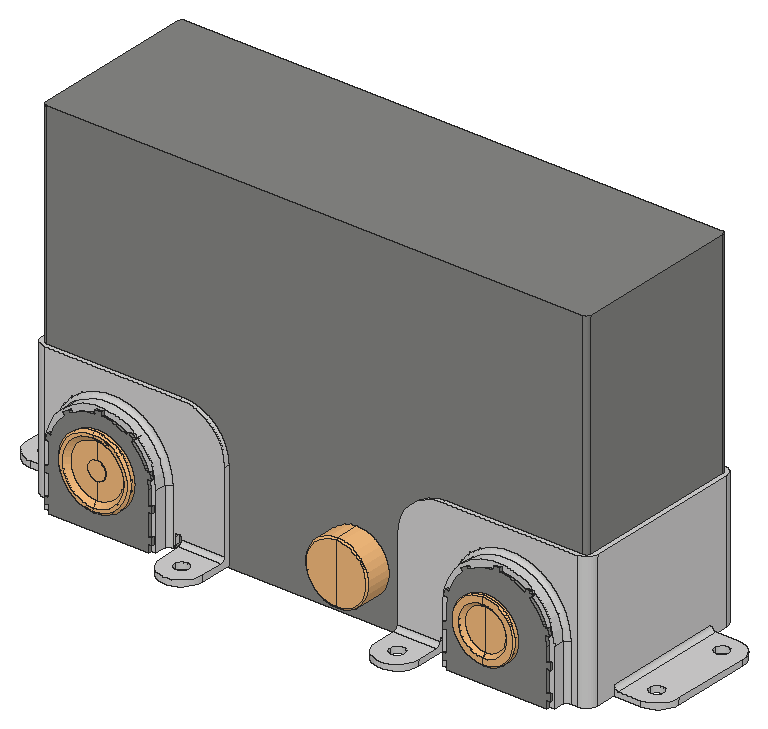
Revit family "Valve-Two_Outlet_Thermostatic-KOHLER-K-26340_1", category Plumbing Fixtures, host Face, Revit 2017 (continued)
Definition of nested family "K-26340"
  Automatic sketch dimensions
    curve 74 to curve 72 = 0.07874"
    curve 72 to curve 47 = 0.03937"
    curve 72 to curve 43 = 0.03937"
    plane 10 to curve 54 = 0.16845"
    curve 72 to curve 54 = 7/128"
    curve 52 to curve 52 = 0.02857"
    curve 72 to curve 50 = 0.09843"
    curve 43 to curve 43 = 0.05906"
    curve 47 to curve 47 = 0.05906"
    level to curve 54 = 1.13839"
    curve 52 to curve 54 = 0.05742"
    plane 10 to curve 53 = 0.26874"
    curve 55 to curve 56 = 0.21269"
    level to curve 56 = 1.63661"
    curve 56 to curve 57 = 0.09307"
    curve 57 to curve 58 = 0.03644"
    curve 60 to plane 9 "1" = 0.04432"
    curve 74 to curve 51 = 0"
    curve 75 to curve 51 = 0"
    plane 9 "1" to curve 61 = 0.07379"
    curve 63 to curve 65 = 0.43249"
    curve 63 to curve 65 = 0.03644"
    curve 65 to curve 66 = 0.09307"
    curve 67 to curve 64 = 0.03644"
    plane 10 to curve 70 = 0.26874"
    curve 70 to curve 75 = 0.14067"
    plane 10 to curve 68 = 0.15414"
    curve 67 to curve 68 = 0.02857"
    curve 81 to curve 86 = 0.09843"
    curve 80 to curve 77 = 0"
    plane 10 to curve 69 = 0.28306"
    curve 67 to curve 69 = 0.05742"
    curve 81 to curve 83 = 0.05906"
    curve 77 to curve 79 = 0.05906"
    curve 32 to curve 87 = 0.00197"
    curve 29 to curve 28 = 0.05118"
    curve 26 to curve 26 = 0.05906"
    curve 24 to plane 14 = 0.41339"
    plane 14 to curve 25 = 0.37402"
    plane 14 to curve 201 = 0.78156"
    curve 202 to curve 198 = 0.01718"
    curve 202 to plane 3 "Center (Left/Right)" = 0.01569"
    curve 196 to plane 19 "3" = 0.34598"
    plane 18 to curve 90 = 0.37402"
    curve 92 to plane 18 = 0.37402"
    curve 88 to plane 18 = 0.41339"
    curve 91 to curve 91 = 0.05906"
    plane 10 to curve 144 = 0.00659"
    curve 144 to plane 18 = 0.54134"
    curve 144 to curve 94 = 0.00197"
    plane 10 to curve 143 = 0.00264"
    curve 131 to curve 143 = 0.07874"
    curve 132 to curve 141 = 0.03937"
    curve 143 to curve 135 = 0.03937"
    plane 10 to curve 125 = 0.16845"
    curve 132 to curve 125 = 7/128"
    plane 10 to curve 126 = 0.28306"
    curve 125 to curve 126 = 0.02857"
    curve 135 to curve 135 = 0.05906"
    curve 140 to curve 141 = 0.05906"
    curve 139 to curve 139 = 0.05906"
    level to curve 125 = 1.13839"
    plane 10 to curve 127 = 0.26874"
    plane 8 "2" to curve 121 = 0.44389"
    curve 121 to curve 123 = 0.03644"
    curve 121 to curve 121 = 0.09307"
    curve 121 to curve 122 = 0.03644"
    curve 118 to plane 8 "2" = 0.11811"
    curve 132 to curve 108 = 0"
    curve 131 to curve 132 = 0"
    curve 118 to curve 118 = 0.11811"
    curve 116 to curve 115 = 0.43249"
    curve 116 to curve 114 = 0.03644"
    curve 115 to curve 113 = 0.09307"
    curve 113 to curve 114 = 0.03644"
    plane 10 to curve 110 = 0.26874"
    curve 110 to curve 132 = 0.14067"
    plane 10 to curve 111 = 0.15414"
    curve 110 to curve 111 = 0.02857"
    curve 100 to curve 129 = 0.09843"
    curve 102 to curve 99 = 0"
    curve 110 to curve 110 = 0.05742"
    plane 10 to curve 109 = 0.16845"
    curve 103 to curve 105 = 0.05906"
    curve 102 to curve 101 = 0.05906"
    level to curve 25 = 0.01969"
    level to curve 90 = 0.01969"
    level to curve 97 = 0.01969"
    level to curve 32 = 0.01969"
    curve 86 to curve 79 = 0.11811"
    curve 97 to curve 135 = 0.11811"
    curve 99 to curve 100 = 0.1378"
    curve 42 to curve 42 = 0.1378"
    curve 28 to curve 28 = 0.14564"
    curve 93 to curve 93 = 0.14564"
    curve 77 to curve 81 = 0.11811"
    curve 42 to curve 46 = 0.11811"
    curve 135 to curve 137 = 0.11811"
    curve 99 to curve 102 = 0.11811"
    plane 11 "A" to curve 104 = 0.25591"
    plane 11 "A" to curve 139 = 0.25591"
    plane 11 "A" to curve 46 = 0.25591"
    plane 11 "A" to curve 83 = 0.25591"
    curve 46 to curve 49 = 0.11811"
    curve 103 to curve 106 = 0.11811"
    curve 138 to curve 141 = 0.11811"
    curve 82 to curve 83 = 0.11811"
    plane 10 to curve 90 = 0.61024"
    plane 10 to curve 25 = 0.61024"
    curve 123 to curve 121 = 0.04664"
    curve 113 to curve 113 = 0.04664"
    curve 55 to curve 57 = 0.04664"
    curve 66 to curve 64 = 0.04664"
    curve 63 to curve 62 = 0.05918"
    curve 120 to curve 119 = 0.05918"
    curve 89 to curve 201 = 0.84371"
    curve 200 to curve 202 = 0.38428"
    curve 201 to curve 199 = 0.47517"
    curve 202 to curve 198 = 0.47517"
    curve 196 to curve 199 = 1.1811"
    curve 197 to curve 196 = 1.1811"
    level to curve 33 = 0.01969"
    curve 33 to curve 76 = 0.32315"
    curve 153 to plane 21 = 0.09843"
    plane 3 "Center (Left/Right)" to curve 200 = 0.00149"
    curve 153 to plane 20 = 0.09843"
    level to curve 98 = 0.01969"
    curve 133 to curve 98 = 0.32315"
    curve 96 to curve 91 = 0.09839"
    curve 25 to curve 31 = 0.09843"
    level to curve 152 = 0.33465"
    level to curve 206 = 0.33465"
    level to curve 38 = 0.34445"
    curve 145 to curve 151 = 0.01969"
    curve 206 to curve 207 = 0.02833"
    curve 37 to curve 39 = 0.03942"
    curve 39 to curve 40 = 0.05704"
    curve 146 to curve 147 = 0.11308"
    curve 35 to curve 41 = 0.07881"
    curve 147 to curve 148 = 0.05913"
    curve 153 to plane 7 = 0.37402"
    plane 16 to Extrusion 1 sketch curve = 0"
    Extrusion 1 sketch curve to plane 17 = 0"
    Extrusion 1 sketch curve to plane 21 = 0.09843"
    Extrusion 1 sketch curve to Extrusion 1 sketch curve = 0.07874"  (x3)
    plane 16 to Extrusion 1 sketch curve = 0.07874"
    Extrusion 1 sketch curve to plane 20 = 0.17717"
    plane 21 to Extrusion 2 sketch curve = 0"
    Extrusion 2 sketch curve to plane 20 = 0"
    level to Extrusion 2 sketch curve = 0.01969"  (x4)
    Extrusion 2 sketch curve to plane 14 = 0.54331"
    Extrusion 2 sketch curve to Extrusion 2 sketch curve = 0.05118"  (x2)
    Extrusion 2 sketch curve to Extrusion 2 sketch curve = 0.05906"  (x2)
    Extrusion 2 sketch curve to plane 14 = 0.41339"
    plane 14 to Extrusion 2 sketch curve = 0.37402"
    plane 18 to Extrusion 2 sketch curve = 0.37402"
    Extrusion 2 sketch curve to plane 18 = 0.37402"
    Extrusion 2 sketch curve to plane 18 = 0.41339"
    Extrusion 2 sketch curve to Extrusion 2 sketch curve = 0.14564"  (x2)
    plane 10 to Extrusion 2 sketch curve = 0.61024"  (x2)
    Sweep 3 sketch curve to profile plane = 0"  (x2)
    Sweep 3 sketch curve to profile plane = 0.19685"
    Sweep 4 sketch curve to profile plane = 0"  (x2)
    Sweep 4 sketch curve to profile plane = 0.19685"
    profile plane to Sweep 5 sketch curve = 0"
    Sweep 5 sketch curve to profile plane = 0"
    Sweep 5 sketch curve to profile plane = 0.19685"
    profile plane to Sweep 6 sketch curve = 0"
    Sweep 6 sketch curve to profile plane = 0"
    Sweep 6 sketch curve to profile plane = 0.19685"
    Extrusion 7 sketch curve to Extrusion 7 sketch curve = 0"  (x12)
    Extrusion 7 sketch curve to plane 4 = 0"
    Extrusion 7 sketch curve to plane 21 = 0"
    Extrusion 7 sketch curve to plane 14 = 0"  (x2)
    Extrusion 7 sketch curve to plane 18 = 0"  (x2)
    Extrusion 7 sketch curve to plane 20 = 0"
    Extrusion 7 sketch curve to plane 15 = 0"
    plane 4 to Extrusion 7 sketch curve = 0.37402"  (x2)
    Extrusion 7 sketch curve to plane 16 = 0.07874"  (x2)
    Extrusion 7 sketch curve to plane 14 = 0.37401"  (x2)
    Extrusion 7 sketch curve to plane 17 = 0.07874"  (x2)
    plane 18 to Extrusion 7 sketch curve = 0.37401"  (x2)
    plane 15 to Extrusion 7 sketch curve = 0.37402"  (x2)
    plane 13 to Extrusion 7 sketch curve = 0.07874"  (x2)
    plane 17 to Extrusion 7 sketch curve = 0.45276"  (x2)
    Extrusion 7 sketch curve to Extrusion 7 sketch curve = 0.01969"  (x4)
    Extrusion 7 sketch curve to plane 1 "Center (Front/Back)" = 0.68898"  (x2)
    plane 12 to Extrusion 7 sketch curve = 0.07874"  (x2)
    level to Extrusion 8 sketch curve = 0.01969"  (x2)
    Extrusion 8 sketch curve to plane 21 = 0.40354"
    plane 10 to Extrusion 8 sketch curve = 0.00264"
    plane 9 "1" to Extrusion 8 sketch curve = 0.01473"
    plane 10 to Extrusion 8 sketch curve = 0.00659"
    Extrusion 8 sketch curve to plane 18 = 0.62008"
    Extrusion 8 sketch curve to plane 8 "2" = 0.17717"
    Extrusion 9 sketch curve to Extrusion 9 sketch curve = 0"  (x66)
    Extrusion 9 sketch curve to level = 0"  (x2)
    Extrusion 9 sketch curve to plane 10 = 0"  (x3)
    Extrusion 9 sketch curve to plane 9 "1" = 0"
    plane 8 "2" to Extrusion 9 sketch curve = 0"
    Extrusion 9 sketch curve to plane 11 "A" = 0"
    Extrusion 9 sketch curve to plane 9 "1" = 0.04432"
    Extrusion 9 sketch curve to Extrusion 9 sketch curve = 0.43249"  (x3)
    Extrusion 9 sketch curve to Extrusion 9 sketch curve = 0.03644"  (x8)
    Extrusion 9 sketch curve to Extrusion 9 sketch curve = 0.09307"  (x4)
    plane 10 to Extrusion 9 sketch curve = 0.26874"  (x4)
    Extrusion 9 sketch curve to Extrusion 9 sketch curve = 0.24912"  (x3)
    plane 10 to Extrusion 9 sketch curve = 0.15414"  (x3)
    Extrusion 9 sketch curve to Extrusion 9 sketch curve = 0.02857"  (x4)
    Extrusion 9 sketch curve to plane 21 = 0.50197"
    Extrusion 9 sketch curve to Extrusion 9 sketch curve = 0.05742"  (x3)
    plane 10 to Extrusion 9 sketch curve = 0.16845"  (x3)
    Extrusion 9 sketch curve to Extrusion 9 sketch curve = 0.05906"  (x9)
    plane 9 "1" to Extrusion 9 sketch curve = 0.07379"
    Extrusion 9 sketch curve to plane 14 = 0.7185"
    plane 10 to Extrusion 9 sketch curve = 0.28306"  (x2)
    plane 11 "A" to Extrusion 9 sketch curve = 0.1378"
    Extrusion 9 sketch curve to plane 18 = 0.65945"
    Extrusion 9 sketch curve to Extrusion 9 sketch curve = 0.0153"
    level to Extrusion 9 sketch curve = 1.13839"
    plane 8 "2" to Extrusion 9 sketch curve = 0.44389"
    Extrusion 9 sketch curve to plane 8 "2" = 0.11811"
    Extrusion 9 sketch curve to Extrusion 9 sketch curve = 0.11811"  (x9)
    Extrusion 9 sketch curve to Extrusion 9 sketch curve = 0.1378"  (x3)
    level to Extrusion 9 sketch curve = 0.1378"
    plane 11 "A" to Extrusion 9 sketch curve = 0.25591"  (x3)
    Extrusion 9 sketch curve to Extrusion 9 sketch curve = 0.04664"  (x4)
    Extrusion 9 sketch curve to Extrusion 9 sketch curve = 0.05918"  (x2)
    Revolve 10 sketch curve to plane 10 = 0"  (x3)
    Revolve 10 sketch curve to plane 13 = 0"
    Revolve 10 sketch curve to plane 12 = 0"
    Revolve 10 sketch curve to plane 16 = 0"
    Revolve 10 sketch curve to plane 17 = 0"
    Revolve 10 sketch curve to plane 12 = 0.07881"
    plane 10 to Revolve 10 sketch curve = 0.46454"  (x2)
    Revolve 10 sketch curve to plane 13 = 0.07881"
    Revolve 10 sketch curve to Revolve 10 sketch curve = 0.07881"  (x2)
    Revolve 10 sketch curve to Revolve 10 sketch curve = 0.05704"  (x2)
    Revolve 10 sketch curve to Revolve 10 sketch curve = 0.03942"
    Revolve 10 sketch curve to Revolve 10 sketch curve = 0.17527"
    Revolve 10 sketch curve to plane 12 = 0.03942"
    Revolve 10 sketch curve to plane 13 = 0.03942"
    plane 5 to Revolve 10 sketch curve = 0.19685"
    Revolve 10 sketch curve to Revolve 10 sketch curve = 0.07874"
    plane 11 "A" to Revolve 11 sketch curve = 0"  (x3)
    Revolve 11 sketch curve to plane 13 = 0.07881"
    plane 10 to Revolve 11 sketch curve = 0.26086"  (x2)
    Revolve 11 sketch curve to plane 12 = 0.07881"
    Revolve 11 sketch curve to plane 12 = 0.01969"
    Revolve 11 sketch curve to Revolve 11 sketch curve = 0.05913"  (x2)
    Revolve 11 sketch curve to plane 13 = 0.01969"
    Revolve 11 sketch curve to Revolve 11 sketch curve = 0.11308"  (x2)
    Revolve 11 sketch curve to plane 13 = 0.04488"
    Revolve 11 sketch curve to Revolve 11 sketch curve = 0.01969"  (x2)
    Revolve 11 sketch curve to Revolve 11 sketch curve = 0.0252"
    Revolve 11 sketch curve to plane 16 = 0.09843"
    Revolve 11 sketch curve to plane 17 = 0.09843"
    plane 5 to Revolve 11 sketch curve = 0.32325"
    Revolve 11 sketch curve to plane 6 = 0.16487"
    profile plane to Sweep 12 sketch curve = 0"
    Sweep 12 sketch curve to profile plane = 0"
    Sweep 12 sketch curve to Sweep 12 sketch curve = 0.07874"
    Sweep 13 sketch curve to profile plane = 0"
    profile plane to Sweep 13 sketch curve = 0"
    profile plane to Sweep 13 sketch curve = 0.07874"
    profile plane to Sweep 14 sketch curve = 0"
    Sweep 14 sketch curve to profile plane = 0"
    Sweep 14 sketch curve to Sweep 14 sketch curve = 0.07874"
    Extrusion 15 sketch curve to plane 9 "1" = 0.16243"
    Extrusion 15 sketch curve to Extrusion 15 sketch curve = 0.07874"  (x2)
    level to Extrusion 15 sketch curve = 0.11811"  (x2)
    Extrusion 15 sketch curve to plane 8 "2" = 0.27559"
    Extrusion 16 sketch curve to plane 17 = 0.15748"
    Extrusion 16 sketch curve to Extrusion 16 sketch curve = 0.07874"  (x2)
    Extrusion 16 sketch curve to plane 16 = 0.07874"
    level to Extrusion 16 sketch curve = 0.11811"  (x2)
    Extrusion 17 sketch curve to plane 17 = 0.15748"
    Extrusion 17 sketch curve to Extrusion 17 sketch curve = 0.07874"  (x2)
    Extrusion 17 sketch curve to plane 16 = 0.07874"
    level to Extrusion 17 sketch curve = 0.11811"  (x2)
    Masking region 1 sketch curve to plane 21 = 0"
    Masking region 1 sketch curve to plane 20 = 0"
    Masking region 1 sketch curve to plane 21 = 0.19685"  (x2)
    Masking region 1 sketch curve to plane 17 = 0.07874"
    plane 16 to Masking region 1 sketch curve = 0.11811"  (x2)
    Masking region 1 sketch curve to Masking region 1 sketch curve = 4.65551"  (x2)
    Masking region 2 sketch curve to plane 4 = 0"
    plane 21 to Masking region 2 sketch curve = 0"
    Masking region 2 sketch curve to level = 0"
    Masking region 2 sketch curve to plane 7 = 0"
    Masking region 2 sketch curve to plane 20 = 0"
    plane 15 to Masking region 2 sketch curve = 0"
    plane 21 to Masking region 2 sketch curve = 0.07874"
    level to Masking region 2 sketch curve = 0.01969"  (x2)
    Masking region 2 sketch curve to plane 21 = 0.0723"
    Masking region 2 sketch curve to Masking region 2 sketch curve = 0.02612"  (x2)
    Masking region 2 sketch curve to plane 21 = 0.09843"
    Masking region 2 sketch curve to plane 20 = 0.09843"  (x2)
    plane 20 to Masking region 2 sketch curve = 0.07874"
    Masking region 2 sketch curve to Masking region 2 sketch curve = 0.09843"
    level to Masking region 2 sketch curve = 0.11811"
    plane 10 to Masking region 2 sketch curve = 1.39764"  (x2)
    Masking region 3 sketch curve to plane 7 = 0"
    Masking region 3 sketch curve to plane 16 = 0"
    Masking region 3 sketch curve to plane 17 = 0"
    Masking region 3 sketch curve to plane 12 = 0"
    Masking region 3 sketch curve to plane 13 = 0"
    Masking region 3 sketch curve to plane 5 = 0"
    Masking region 3 sketch curve to plane 6 = 0"
    Masking region 3 sketch curve to level = 0"
    Masking region 3 sketch curve to plane 16 = 0.07874"
    plane 10 to Masking region 3 sketch curve = 1.39764"  (x2)
    Masking region 3 sketch curve to Masking region 3 sketch curve = 0.33789"  (x2)
    Masking region 3 sketch curve to plane 17 = 0.07874"
    Masking region 3 sketch curve to Masking region 3 sketch curve = 0.07874"  (x3)
    Masking region 3 sketch curve to Masking region 3 sketch curve = 0.04783"  (x2)
    Masking region 3 sketch curve to plane 12 = 0.05906"
    Masking region 3 sketch curve to Masking region 3 sketch curve = 0.27373"
    Masking region 3 sketch curve to plane 13 = 0.09843"
    Masking region 3 sketch curve to Masking region 3 sketch curve = 0.29337"
    Masking region 3 sketch curve to Masking region 3 sketch curve = 0.05906"
    Masking region 3 sketch curve to Masking region 3 sketch curve = 0.03942"
    level to Masking region 3 sketch curve = 0.38387"  (x2)
    Masking region 3 sketch curve to plane 12 = 0.01969"
    Masking region 3 sketch curve to Masking region 3 sketch curve = 0.02954"
    Masking region 3 sketch curve to plane 13 = 0.04488"
    Masking region 3 sketch curve to Masking region 3 sketch curve = 0.04922"
    Masking region 3 sketch curve to Masking region 3 sketch curve = 0.03076"
    Masking region 3 sketch curve to Masking region 3 sketch curve = 0.11811"
    level to Masking region 3 sketch curve = 0.11811"
    level to Masking region 3 sketch curve = 0.01969"  (x2)
    Masking region 3 sketch curve to plane 12 = 0.03293"
    Masking region 3 sketch curve to Masking region 3 sketch curve = 0.02612"  (x2)
    Masking region 3 sketch curve to Masking region 3 sketch curve = 0.03937"  (x2)
    Masking region 3 sketch curve to Masking region 3 sketch curve = 0.05354"
    Masking region 3 sketch curve to plane 13 = 0.05906"
    Masking region 3 sketch curve to plane 13 = 0.03942"
    curve 175 to plane 17 = 0"
    curve 175 to plane 16 = 0"
    curve 193 to plane 13 = 0"
    curve 174 to plane 12 = 0"
    curve 180 to plane 1 "Center (Front/Back)" = 0"
    curve 179 to level = 0"
    curve 181 to level = 0"
    curve 160 to level = 0"
    curve 162 to level = 0"
    curve 162 to plane 16 = 0"
    curve 181 to plane 17 = 0"
    level to curve 161 = 0.01969"
    curve 210 to curve 210 = 0.1381"
    curve 157 to curve 157 = 0.13977"
    curve 193 to plane 13 = 0.03942"
    curve 193 to curve 178 = 0.32476"
    curve 154 to plane 16 = 0.07874"
    plane 10 to curve 154 = 1.39764"
    curve 159 to plane 12 = 0.1378"
    plane 16 to curve 210 = 0.32889"
    curve 210 to curve 211 = 0.06193"
    plane 17 to curve 157 = 0.45276"
    curve 157 to curve 213 = 0.06314"
    curve 177 to plane 17 = 0.07874"
    curve 178 to plane 13 = 0.1378"
    level to curve 176 = 0.01969"
    curve 194 to curve 179 = 0.01969"
    curve 157 to curve 156 = 0.04134"
    curve 163 to curve 159 = 0.11811"
    curve 182 to curve 194 = 0.11811"
    curve 195 to curve 183 = 0.08854"
    curve 164 to plane 12 = 0.05906"
    curve 164 to curve 163 = 0.11811"
    curve 173 to plane 12 = 0.03942"
    curve 173 to curve 164 = 0.083"
    curve 174 to curve 173 = 0.00554"
    curve 174 to curve 174 = 0.03942"
    curve 193 to curve 192 = 0.03942"
    curve 184 to plane 13 = 0.09843"
    plane 11 "A" to curve 184 = 0.25591"
    curve 165 to curve 174 = 0.24605"
    curve 166 to curve 165 = 0.11811"
    curve 185 to curve 184 = 0.11811"
    plane 10 to curve 186 = 0.15414"
    plane 10 to curve 167 = 0.15414"
    curve 187 to curve 186 = 0.01432"
    curve 168 to curve 167 = 0.01432"
    curve 169 to curve 168 = 0.1146"
    curve 188 to curve 187 = 0.1146"
    curve 192 to curve 188 = 0.35675"
    curve 173 to curve 169 = 0.35675"
    curve 170 to curve 173 = 0.01255"
    curve 189 to curve 192 = 0.01255"
    curve 171 to curve 170 = 0.04664"
    curve 190 to curve 189 = 0.04664"
    curve 172 to curve 171 = 0.07272"
    curve 191 to curve 190 = 0.07272"
    curve 160 to curve 172 = 0.16146"
    curve 179 to curve 191 = 0.16146"
    curve 159 to curve 160 = 0.04783"
    curve 178 to curve 179 = 0.04783"
    curve 175 to plane 7 = 0.26084"
    plane 12 to curve 176 = 0.12123"
    curve 162 to plane 16 = 0.02811"
    curve 181 to plane 17 = 0.02811"
    plane 13 to curve 194 = 0.12123"
    plane 16 to Extrusion 18 sketch curve = 0"
    Extrusion 18 sketch curve to plane 17 = 0"
    Extrusion 18 sketch curve to plane 21 = 0.09843"
    Extrusion 18 sketch curve to plane 20 = 0.09843"
    Extrusion 19 sketch curve to level = 0"  (x2)
    Extrusion 19 sketch curve to plane 21 = 0.50197"
    plane 10 to Extrusion 19 sketch curve = 0.00545"  (x2)
    plane 9 "1" to Extrusion 19 sketch curve = 0.01473"
    plane 8 "2" to Extrusion 19 sketch curve = 0.69882"
    Extrusion 19 sketch curve to plane 8 "2" = 0.17717"
    Extrusion 20 sketch curve to plane 21 = 0"
    plane 16 to Extrusion 20 sketch curve = 0"  (x2)
    Extrusion 20 sketch curve to plane 17 = 0"  (x2)
    Extrusion 20 sketch curve to plane 20 = 0"
    Extrusion 20 sketch curve to plane 21 = 0.09843"
    plane 14 to Extrusion 20 sketch curve = 0.37402"  (x2)
    Extrusion 20 sketch curve to plane 17 = 0.07874"  (x2)
    plane 18 to Extrusion 20 sketch curve = 0.37402"  (x2)
    Extrusion 20 sketch curve to plane 20 = 0.09843"
    Extrusion 20 sketch curve to plane 16 = 0.07874"
    Extrusion 20 sketch curve to Extrusion 20 sketch curve = 0.07874"
    Extrusion 21 sketch curve to Extrusion 21 sketch curve = 0"  (x16)
    Extrusion 21 sketch curve to plane 4 = 0"
    Extrusion 21 sketch curve to plane 21 = 0"
    Extrusion 21 sketch curve to plane 5 = 0"  (x2)
    plane 6 to Extrusion 21 sketch curve = 0"  (x2)
    Extrusion 21 sketch curve to plane 20 = 0"
    Extrusion 21 sketch curve to plane 15 = 0"
    plane 4 to Extrusion 21 sketch curve = 0.37402"  (x2)
    Extrusion 21 sketch curve to plane 14 = 0.37401"  (x2)
    Extrusion 21 sketch curve to plane 17 = 0.07874"  (x2)
    plane 14 to Extrusion 21 sketch curve = 0"  (x2)
    plane 14 to Extrusion 21 sketch curve = 0.37402"  (x2)
    plane 18 to Extrusion 21 sketch curve = 0.37401"  (x2)
    Extrusion 21 sketch curve to plane 18 = 0"  (x2)
    Extrusion 21 sketch curve to plane 16 = 0.07874"  (x2)
    Extrusion 21 sketch curve to plane 18 = 0.37402"  (x2)
    plane 15 to Extrusion 21 sketch curve = 0.37402"  (x2)
    plane 13 to Extrusion 21 sketch curve = 0.07874"  (x2)
    plane 17 to Extrusion 21 sketch curve = 0.45276"  (x2)
    Extrusion 21 sketch curve to Extrusion 21 sketch curve = 0.35433"  (x4)
    Extrusion 21 sketch curve to plane 1 "Center (Front/Back)" = 0.70866"  (x2)
    plane 12 to Extrusion 21 sketch curve = 0.07874"  (x2)
    Extrusion 21 sketch curve to Extrusion 21 sketch curve = 0.12598"  (x4)
    Extrusion 21 sketch curve to plane 14 = 0.12598"  (x2)
    plane 18 to Extrusion 21 sketch curve = 0.12598"  (x2)
    Extrusion 22 sketch curve to plane 9 "1" = 0"
    Extrusion 22 sketch curve to plane 10 = 0"
    Extrusion 23 sketch curve to plane 9 "1" = 0"
    plane 8 "2" to Extrusion 23 sketch curve = 0"
    Extrusion 23 sketch curve to plane 11 "A" = 0"
    Extrusion 23 sketch curve to plane 10 = 0"
    plane 21 to Extrusion 24 sketch curve = 0"
    Extrusion 24 sketch curve to plane 20 = 0"
    Extrusion 24 sketch curve to Extrusion 24 sketch curve = 0.07874"  (x2)
    level to Extrusion 24 sketch curve = 0.11811"  (x2)
    Revolve 25 sketch curve to plane 16 = 0"
    Revolve 25 sketch curve to plane 17 = 0"
    plane 11 "A" to Revolve 25 sketch curve = 0"  (x3)
    Revolve 25 sketch curve to plane 13 = 0.01969"
    plane 10 to Revolve 25 sketch curve = 0.42443"  (x2)
    Revolve 25 sketch curve to plane 12 = 0.01969"
    Revolve 25 sketch curve to Revolve 25 sketch curve = 0.02833"  (x3)
    Revolve 25 sketch curve to plane 12 = 0.04801"
    plane 5 to Revolve 25 sketch curve = 1.51581"
    plane 6 to Revolve 25 sketch curve = 0.49208"
    Sweep 26 sketch curve to profile plane = 0"
    profile plane to Sweep 26 sketch curve = 0"
    profile plane to Sweep 26 sketch curve = 0.07874"
    Extrusion 27 sketch curve to Extrusion 27 sketch curve = 0"  (x2)
    plane 19 "3" to Extrusion 27 sketch curve = 0"
    Extrusion 27 sketch curve to plane 11 "A" = 0"
    level to Extrusion 27 sketch curve = 0.33465"
    curve 214 to Revolve 28 sketch curve = 0.2697"
    Revolve 28 sketch curve to Revolve 28 sketch curve = 0.1335"
    Revolve 28 sketch curve to Revolve 28 sketch curve = 0.06371"
    Revolve 28 sketch curve to curve 214 = 0.58141"
    Revolve 29 sketch curve to curve 215 = 0.1285"
    curve 215 to Revolve 29 sketch curve = 0.11811"
    Revolve 29 sketch curve to Revolve 29 sketch curve = 0.19692"
    curve 215 to Revolve 29 sketch curve = 0.42756"
    Masking region 1 sketch curve to plane 20 = 0.19685"
    Masking region 1 sketch curve to Masking region 1 sketch curve = 1.39764"  (x2)
    curve 214 to plane 19 "3" = 0"
    curve 215 to plane 8 "2" = 0"
    radius of Extrusion 7 sketch curve = 0.12598"  (x8)
    radius of Extrusion 9 sketch curve = 0.54335"
    radius of Extrusion 9 sketch curve = 0.41841"
    radius of Extrusion 22 sketch curve = 0.15748"
    radius of Extrusion 23 sketch curve = 0.63981"
    radius of Extrusion 23 sketch curve = 0.55118"
